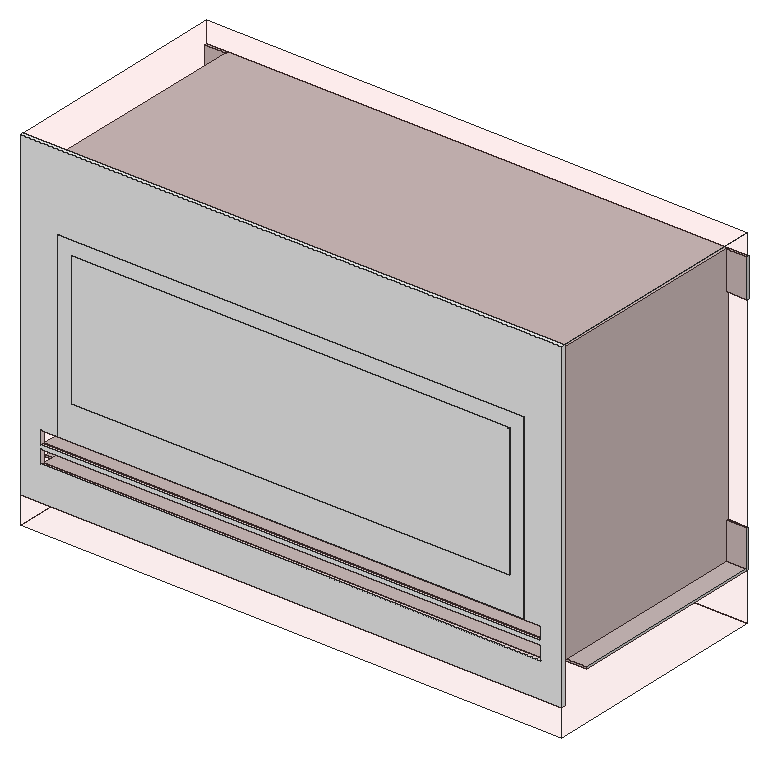
Revit family "Air-Curtain_Vestibule-Except_PoweredAire_CHA", category Mechanical Equipment, host Face, Revit 2020
Family settings
  Host = Face
  Round Connector Dimension = Use Diameter
  Part Type = Normal
  OmniClass Number = 23.75.35.17.21
  OmniClass Title = Air Curtains
  Cut with Voids When Loaded = No
  Shared = No
  Room Calculation Point = No
Parameters
  Warranty Duration (Years) = 0
  Unit Width Notes = "Other Widths available."  # constant formula
  Unit Width = 3' - 3"
  Unit Weight = 0
  Unit Height = 1' - 4 3/4"
  Unit Depth = 1' - 11 1/4"
  URL = "http://www.poweredaire.com/"
  Test Data = ""
  Standards Conformance = "as Specified"
  Specification = "http://www.arcat.com/sdspecs/htm04/23_34_33pai.htm"
  SpecWizard = ""
  Sound Pressure = "as Specified"
  Sales Information = "http://www.poweredaire.com/contact_us"
  Revision = "R1_2016-08"
  Projection from Host [instance] = 0' - 2"
  Product Properties = ""
  Product Data = "http://www.arcat.com/arcatcos/cos47/arc47623.html"
  Power Rating = 0 W
  Nozzle Width = if(1 = 1, Unit Width - 0' 3", 0' 0")  # 3' - 0"
  Mounting Width = if(1 = 1, Unit Width - 0' 1 1/2", 0' 0")  # 3' - 1 1/2"
  Mounting Height [instance] = 3' - 6"
  Motor RPM = 0
  Motor HP = 0
  Motor Count = 0
  Model = "As Specified"
  Max Height = 0' - 0"
  Manufacturer Website = "http://www.poweredaire.com/"
  Manufacturer Phone - Toll Free = "888-321-2473"
  Manufacturer Phone = "724-588-3305"
  Manufacturer Fax = "724-588-3371"
  Manufacturer Address = "109 Mortensen Rd.  Greenville, PA 16125"
  Manufacturer = "Powered Aire, Inc"
  Maintenance Schedule (Months) = 0
  Keynote = "23 34 33"
  Installation-Fabrication = ""
  Installation Phase = ""
  Include Clearance [instance] = yes
  Heating Element Load = 0 W
  HVAC_Temperature Rise = 0 °F
  HVAC_Outlet Volume = 0 CFM
  HVAC_Outlet Velocity Uniformity = 0
  HVAC_Outlet Velocity = 0 FPM
  Green Building-LEED = "http://www.arcat.com/green/clients/leed_data_47623.html"
  Front Grating Material [instance] = Metal - Steel - PoweredAire - White Perforated
  Frame Finish [instance] = Metal - Steel - PoweredAire - Stainless 304
  Expected Lifespan (Years) = 0
  Electrical_Wattage [instance] = Power Rating + Heating Element Load  # 0 W
  Electrical_Voltage [instance] = 0 V
  Electrical_Phase [instance] = 1
  Electrical_Frequency [instance] = 0 Hz
  Electrical_Amperage [instance] = 0 A
  Drawn By = "Sumex Design, Inc. / Robert S. Weygant, CSI, CDT, SCIP"
  Description = "Powered Aire Air Curtain as Specified"
  Default Elevation = 0' - 0"  # constant formula
  Cover Finish [instance] = Metal - Steel - PoweredAire - White
  Copyright = "©Arcat Inc."
  Construction Details = "http://www.arcat.com/details/powair/prod3336.html"
  Clearance_Top [instance] = 0' - 0"
  Clearance_Side B [instance] = 0' - 0"
  Clearance_Side A [instance] = 0' - 0"
  Clearance_Intake [instance] = 0' - 0"
  Clearance_Front [instance] = 0' - 0"
  Clearance Material [instance] = ARCAT Clearance
  Building Codes = ""
  Available Options [instance] = "as Specified"
  Assembly Code = "D3090400"
Reference planes (in)
  plane 1 "Center (Elevation)": y = 8.51318
  plane 2: z = 0
  plane 3 "Center (Left/Right)": x = 0
  plane 4: y = 16.88818
  plane 5: y = 0.13818
  plane 6: x = -19.5
  plane 7: x = 19.5
  plane 8: z = 25.25
  plane 9 "FF": y = -41.86182
  plane 10: z = 2
  plane 11: x = 18
  plane 12: x = -18
  plane 13: y = 16.88818
  plane 14: y = 0.13818
  plane 15: x = -19.5
  plane 16: x = 19.5
  plane 17: z = 25.25
  plane 18: y = 0.38818
Forms (in)
  Extrusion 1, solid, material "ARCAT Clearance" <- "Clearance Material", visible <- "Include Clearance"
    sketch origin (0, 0, 0) x (0, 1, 0) y (0, 0, 1)
      loop
        line (0.13818, 25.25) -> (0.13818, 0) -> (16.88818, 0) -> (16.88818, 25.25) -> (0.13818, 25.25)
    from -19.5 to 19.5
  Extrusion 2, solid, material "Metal - Steel - PoweredAire - White" <- "Cover Finish"
    sketch origin (0, 8.51318, 0) x (1, 0, 0) y (0, 0, 1)
      loop
        line (-19.5, 25.25) -> (-19.5, 2) -> (19.5, 2) -> (19.5, 25.25) -> (-19.5, 25.25)
    from 8.125 to 8.375
  Extrusion 3, solid, material "Metal - Steel - PoweredAire - Stainless 304" <- "Frame Finish"
    sketch origin (0, 8.51318, 0) x (1, 0, 0) y (0, 0, 1)
      loop
        line (18, 23.75) -> (-18, 23.75) -> (-18, 3.5) -> (18, 3.5) -> (18, 23.75)
    from -8.375 to 8.125
  Extrusion 4, void
    sketch origin (0, 0, 0) x (0, 1, 0) y (0, 0, 1)
      loop
        line (0.13818, 5.5) -> (0.13818, 4.5) -> (1.88818, 4.5) -> (1.88818, 6.75) -> (0.13818, 6.75) -> (0.13818, 5.75) -> (1.63818, 5.75) -> (1.63818, 5.5) -> (0.13818, 5.5)
    from -18 to 18
  Extrusion 5, solid, material "Metal - Steel - PoweredAire - White" <- "Cover Finish"
    sketch origin (-11.83813, 0.13818, 48) x (-1, 0, 0) y (0, 0, 1)
      loop
        line (4.91187, -41.25) -> (4.91187, -28.25) -> (-28.58813, -28.25) -> (-28.58813, -41.25) -> (4.91187, -41.25)
    from 0 to -0.03125
  Extrusion 6, solid, material "Metal - Steel - PoweredAire - White Perforated" <- "Front Grating Material"
    sketch origin (-11.83813, 0.10693, 48) x (1, 0, 0) y (0, 0, 1)
      loop
        line (-3.91187, -29.25) -> (-3.91187, -38.75) -> (27.58813, -38.75) -> (27.58813, -29.25) -> (-3.91187, -29.25)
    from 0 to 0.03125
  Extrusion 7, solid, material "Metal - Steel - PoweredAire - Stainless 304" <- "Frame Finish"
    sketch origin (-15.17702, -180, 2) x (-1, 0, 0) y (0, -1, 0)
      loop
        line (-33.17702, -196.88818) -> (-33.17702, -182.38818) -> (-34.67702, -182.38818) -> (-34.67702, -196.88818) -> (-33.17702, -196.88818)
      loop
        line (2.82298, -196.88818) -> (4.32298, -196.88818) -> (4.32298, -182.38818) -> (2.82298, -182.38818) -> (2.82298, -196.88818)
    from 1.5 to 1.625
  Extrusion 8, solid, material "Metal - Steel - PoweredAire - Stainless 304" <- "Frame Finish"
    sketch origin (-11.83813, 16.88818, 48) x (-1, 0, 0) y (0, 0, 1)
      loop
        line (7.66187, -44.5) -> (7.66187, -41.75) -> (6.16187, -41.75) -> (6.16187, -44.5) -> (7.66187, -44.5)
      loop
        line (-31.33813, -44.5) -> (-29.83813, -44.5) -> (-29.83813, -41.75) -> (-31.33813, -41.75) -> (-31.33813, -44.5)
      loop
        line (7.66187, -27) -> (7.66187, -24.25) -> (6.16187, -24.25) -> (6.16187, -27) -> (7.66187, -27)
      loop
        line (-31.33813, -27) -> (-29.83813, -27) -> (-29.83813, -24.25) -> (-31.33813, -24.25) -> (-31.33813, -27)
    from 0 to -0.125
Cuts and joins
  Extrusion 4 cuts Extrusion 2
  Extrusion 4 cuts Extrusion 3
Dimensions and locks (in)
  equal spacing: plane 4, plane 1 "Center (Elevation)", plane 5
  "Unit Height": plane 4 to plane 5
  equal spacing: plane 6, plane 3 "Center (Left/Right)", plane 7
  "Unit Width": plane 6 to plane 7
  "Mounting Height": plane 5 to plane 9 "FF"
  "Projection from Host": plane 10 to level
  "Unit Depth": plane 8 to plane 10
  locked: plane 6 to plane 12 at 1.5
  locked: plane 11 to plane 7 at 1.5
  "Clearance_Side A": plane 7 to plane 16
  "Clearance_Side B": plane 15 to plane 6
  "Clearance_Top": plane 13 to plane 4
  "Clearance_Intake": plane 5 to plane 14
  "Clearance_Front": plane 17 to plane 8
  locked: plane 8 to Extrusion 3 sketch curve at 1.5
  locked: Extrusion 3 sketch curve to plane 10 at 1.5
  locked: plane 7 to Extrusion 3 sketch curve at 1.5
  locked: Extrusion 3 sketch curve to plane 6 at 1.5
  locked: plane 18 to plane 5 at 0.25
  Extrusion 4 sketch curve to Extrusion 4 sketch curve to Extrusion 4 sketch curve to Extrusion 4 sketch curve to plane 10 = 0' - 1" locked, 0' - 0 1/4" locked, 0' - 1" locked, 0' - 2 1/2" locked
  Extrusion 5 sketch curve to Extrusion 5 sketch curve to plane 10 = 1' - 1" locked, 0' - 4 3/4" locked
  locked: plane 11 to Extrusion 5 sketch curve at 1.25
  locked: Extrusion 5 sketch curve to plane 12 at 1.25
  Extrusion 6 sketch curve to Extrusion 6 sketch curve to plane 10 = 0' - 9 1/2" locked, 0' - 7 1/4" locked
  locked: Extrusion 6 sketch curve to plane 12 at 2.25
  locked: plane 11 to Extrusion 6 sketch curve at 2.25
  locked: plane 4 to Extrusion 7 sketch curve at 14.5  (x2)
  Extrusion 8 sketch curve to Extrusion 8 sketch curve to Extrusion 8 sketch curve to Extrusion 8 sketch curve to plane 10 = 0' - 2 3/4" locked, 1' - 2 3/4" locked, 0' - 2 3/4" locked, 0' - 1 1/2" locked  (x2)
  aligned and locked: plane 2 to host face
  aligned and locked: level to host face
  aligned and locked: Extrusion 1 sketch curve to plane 17
  aligned and locked: plane 14 to Extrusion 1 sketch curve
  aligned and locked: level to Extrusion 1 sketch curve
  aligned and locked: Extrusion 1 sketch curve to plane 13
  aligned and locked: plane 16 to Extrusion 1
  aligned and locked: Extrusion 1 to plane 15
  aligned and locked: Extrusion 2 sketch curve to plane 8
  aligned and locked: plane 6 to Extrusion 2 sketch curve
  aligned and locked: Extrusion 2 sketch curve to plane 10
  aligned and locked: Extrusion 2 sketch curve to plane 7
  aligned and locked: Extrusion 3 to plane 4
  aligned and locked: Extrusion 3 to plane 18
  aligned and locked: Extrusion 2 to plane 18
  aligned and locked: Extrusion 2 to plane 5
  aligned and locked: plane 11 to Extrusion 4
  aligned and locked: Extrusion 4 to plane 12
  aligned and locked: Extrusion 7 sketch curve to plane 4  (x2)
Automatic sketch dimensions
  host sketch curve to host sketch curve = 8' - 0"  (x2)
  Extrusion 4 sketch curve to plane 5 = 0' - 0"  (x2)
  plane 18 to Extrusion 4 sketch curve = 0' - 1 1/4"
  Extrusion 4 sketch curve to Extrusion 4 sketch curve = 0' - 0 1/4"
  Extrusion 7 sketch curve to plane 7 = 0' - 0"
  Extrusion 7 sketch curve to plane 11 = 0' - 0"
  Extrusion 7 sketch curve to plane 12 = 0' - 0"
  Extrusion 7 sketch curve to plane 6 = 0' - 0"
  Extrusion 8 sketch curve to plane 7 = 0' - 0"  (x2)
  Extrusion 8 sketch curve to plane 11 = 0' - 0"  (x2)
  Extrusion 8 sketch curve to plane 12 = 0' - 0"  (x2)
  Extrusion 8 sketch curve to plane 6 = 0' - 0"  (x2)
Connectors (in)
  electrical at (-18, 4.88818, 9.625), driven by "Electrical_Voltage", driven by "Electrical_Phase"
    settings: on cut or joined group of Extrusion 3, Extrusion 4, index 1, voltage 0 V, apparent load 0 VA, apparent load phase1 0 VA, apparent load phase2 0 VA, apparent load phase3 0 VA, power factor 1, load classification "Other", number of poles 1, system type 31, power factor state 1, is connector primary yes, connector utility no, sub classification motor no, connector description ""
